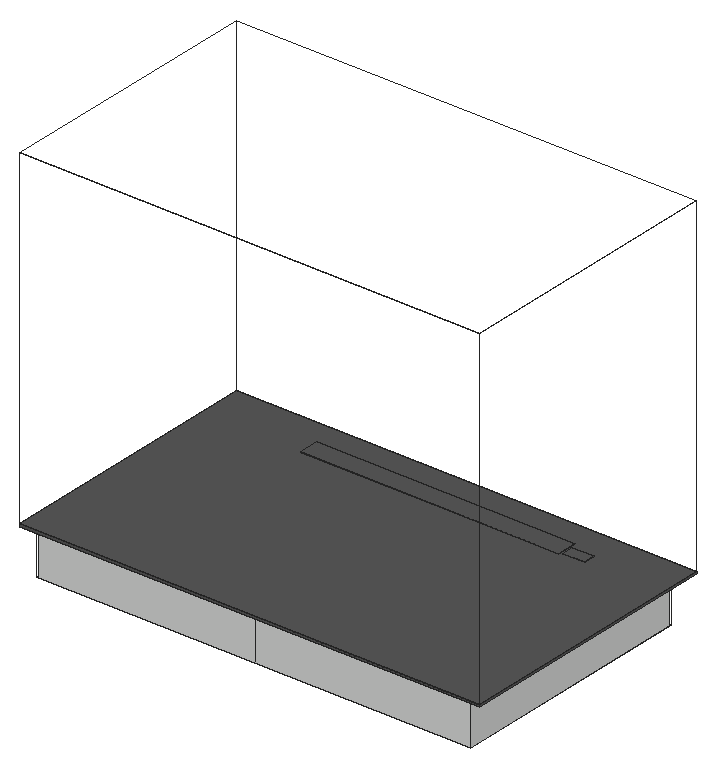
Revit family "CI905ZZDTG5-CI905ZZDTB5-AA-BI-SG-SEA", category Specialty Equipment, Revit 2020
Family settings
  Round Connector Dimension = Use Diameter
  Part Type = Normal
  Work Plane-Based = Yes
  Always vertical = No
  Cut with Voids When Loaded = Yes
  Shared = No
  Room Calculation Point = No
Parameters (values of type "CI905ZZDTB5")
  URL = "www.fisherpaykel.com"
  Product - Width = 900 mm
  Product - Height = 90 mm
  Product - Depth = 530 mm
  Model = "CI905ZZDTB5"
  Material - Cooktop = Fisher & Paykel - Glass, Black
  Manufacturer = "Fisher & Paykel Appliances"
  Description = "90cm Series 7 Induction cooktop"
  Default Elevation = 0 mm
  Clearance - Overhead Rangehood = 650 mm
  Clearance - Below Cooktop = 86 mm
  Cavity - Width = 850 mm
  Cavity - Depth = 490 mm
Types (3, lengths in mm): name | Model | Material - Cooktop
  (no name) | "CI905ZZDTB5" | Fisher & Paykel - Glass, Black
  CI905ZZDTB5 | "CI905ZZDTB5" | Fisher & Paykel - Glass, Black
  CI905ZZDTG5 | "CI905ZZDTG5" | Fisher & Paykel - Glass, Grey
Reference planes
  plane 1 "Center (Front/Back)": y = 0
  plane 2: z = 0
  plane 3 "Center (Left/Right)": x = 0
  plane 4 "Product - LHS": x = -450
  plane 5 "Product - RHS": x = 450
  plane 6 "Cavity - RHS": x = 425
  plane 7 "Cavity - LHS": x = -425
  plane 8 "Product - Depth": y = 530
  plane 9: y = 10
  plane 10: y = 500
  plane 11: y = -0.764
  plane 12: z = -86
  plane 13: z = 654
  plane 14: z = 4
Forms (mm)
  Extrusion 1, solid, not visible
    sketch origin (-149.236, 268.236, 0) x (0, 1, 0) y (1, 0, 0)
      loop
        line (-528.472, 298.472) -> (-528.472, 0) -> (0, 0) -> (0, 298.472) -> (-528.472, 298.472)
    from 0 to -4
  Extrusion 2, solid, not visible
    sketch origin (-149.236, 268.236, 4) x (0, 1, 0) y (-1, 0, 0)
      loop
        line (-86.236, -44.236) -> (-86.236, -229.236) -> (-46.236, -229.236) -> (-46.236, -44.236) -> (-86.236, -44.236)
      loop
        line (-60.236, -234.236) -> (-82.236, -234.236) -> (-82.236, -276.236) -> (-60.236, -276.236) -> (-60.236, -234.236)
    from 0 to -2.95
  Extrusion 3, solid, material "Fisher & Paykel - Clearance Required"
    sketch origin (0, 0, 0) x (1, 0, 0) y (0, 1, 0)
      loop
        line (-425, 500) -> (-425, 10) -> (425, 10) -> (425, 500) -> (-425, 500)
    from 0 to -86
  Extrusion 4, void
    sketch origin (0, 0, 0) x (1, 0, 0) y (0, 1, 0)
      loop
        line (-425, 500) -> (-425, 10) -> (425, 10) -> (425, 500) -> (-425, 500)
    from 0 to -86
  Extrusion 5, solid, material "Fisher & Paykel - Steel Galvanized"
    sketch origin (0, 0, 0) x (1, 0, 0) y (0, 1, 0)
      loop
        line (0, 11.875) -> (422.5, 11.875) -> (422.5, 496.875) -> (-422.5, 496.875) -> (-422.5, 11.875) -> (0, 11.875)
    from -86 to 0
  Extrusion 6, solid, material "Fisher & Paykel - Clearance Required"
    sketch origin (-449.236, 529.236, 4) x (0, -1, 0) y (1, 0, 0)
      loop
        line (-0.764, 899.236) -> (-0.764, -0.764) -> (529.236, -0.764) -> (529.236, 899.236) -> (-0.764, 899.236)
    from 0 to 650
  Extrusion 7, solid, material "Fisher & Paykel - Glass, Black" <- "Material - Cooktop"
    sketch origin (-449.236, 529.236, 0) x (1, 0, 0) y (0, -1, 0)
      loop
        line (899.236, -0.764) -> (899.236, 529.236) -> (-0.764, 529.236) -> (-0.764, -0.764) -> (899.236, -0.764)
    from -4 to 0
  Extrusion 8, solid, material "Fisher & Paykel - Glass, Black" <- "Material - Cooktop"
    sketch origin (-449.236, 529.236, 0) x (1, 0, 0) y (0, -1, 0)
      loop
        line (194.236, 46.236) -> (699.236, 46.236) -> (699.236, 86.236) -> (194.236, 86.236) -> (194.236, 46.236)
      loop
        line (746.236, 60.236) -> (746.236, 82.236) -> (704.236, 82.236) -> (704.236, 60.236) -> (746.236, 60.236)
    from -4 to 0
Dimensions and locks
  "Product - Width": plane 4 "Product - LHS" to plane 5 "Product - RHS"
  equal spacing: plane 4 "Product - LHS", plane 3 "Center (Left/Right)", plane 5 "Product - RHS"
  "Cavity - Width": plane 7 "Cavity - LHS" to plane 6 "Cavity - RHS"
  "Product - Depth": plane 8 "Product - Depth" to plane 1 "Center (Front/Back)"
  equal spacing: plane 7 "Cavity - LHS", plane 3 "Center (Left/Right)", plane 6 "Cavity - RHS"
  "Cavity - Depth": plane 10 to plane 9
  "Clearance - Below Cooktop": plane 2 to plane 12
  "Clearance - Overhead Rangehood": plane 13 to plane 14
  aligned and locked: level to plane 2
  aligned and locked: Extrusion 3 sketch curve to plane 7 "Cavity - LHS"
  aligned and locked: Extrusion 3 sketch curve to plane 10
  aligned and locked: Extrusion 3 sketch curve to plane 6 "Cavity - RHS"
  aligned and locked: Extrusion 3 sketch curve to plane 9
  aligned and locked: Extrusion 4 to plane 12
  aligned and locked: Extrusion 3 to plane 12
  aligned and locked: Extrusion 5 to plane 12
  aligned and locked: level to Extrusion 5
  aligned and locked: Extrusion 6 sketch curve to plane 8 "Product - Depth"
  aligned and locked: Extrusion 6 sketch curve to plane 4 "Product - LHS"
  aligned and locked: Extrusion 6 sketch curve to plane 1 "Center (Front/Back)"
  aligned and locked: plane 13 to Extrusion 6
  aligned and locked: plane 5 "Product - RHS" to Extrusion 7 sketch curve
  aligned and locked: plane 8 "Product - Depth" to Extrusion 7 sketch curve
  aligned and locked: plane 4 "Product - LHS" to Extrusion 7 sketch curve
  aligned and locked: plane 1 "Center (Front/Back)" to Extrusion 7 sketch curve
  aligned and locked: Extrusion 7 to Extrusion 6
  aligned and locked: Extrusion 7 to Extrusion 3
  aligned and locked: Extrusion 8 to Extrusion 6
  aligned and locked: Extrusion 8 to Extrusion 3
Automatic sketch dimensions
  Extrusion 2 sketch curve to Extrusion 1 = 86.236 mm
  Extrusion 2 sketch curve to Extrusion 2 sketch curve = 40 mm
  Extrusion 2 sketch curve to Extrusion 1 = 69.236 mm
  Extrusion 2 sketch curve to Extrusion 1 = 44.236 mm
  Extrusion 2 sketch curve to Extrusion 2 sketch curve = 4 mm
  Extrusion 2 sketch curve to Extrusion 2 sketch curve = 14 mm
  Extrusion 2 sketch curve to Extrusion 2 sketch curve = 5 mm
  Extrusion 2 sketch curve to Extrusion 1 = 22.236 mm
  Extrusion 1 sketch curve to Extrusion 1 sketch curve = 0 mm  (x3)
  Extrusion 1 sketch curve to Extrusion 1 sketch curve = 528.472 mm
  Extrusion 1 sketch curve to Extrusion 1 sketch curve = 298.472 mm  (x2)
  Extrusion 4 sketch curve to plane 9 = 0 mm
  Extrusion 4 sketch curve to plane 10 = 0 mm
  plane 4 "Product - LHS" to Extrusion 4 sketch curve = 25 mm
  plane 3 "Center (Left/Right)" to Extrusion 4 sketch curve = 425 mm
  plane 9 to Extrusion 5 sketch curve = 1.875 mm
  Extrusion 5 sketch curve to plane 3 "Center (Left/Right)" = 0 mm
  plane 7 "Cavity - LHS" to Extrusion 5 sketch curve = 2.5 mm
  Extrusion 5 sketch curve to plane 6 "Cavity - RHS" = 2.5 mm
  Extrusion 5 sketch curve to plane 10 = 3.125 mm
  Extrusion 8 sketch curve to Extrusion 8 sketch curve = 40 mm
  Extrusion 8 sketch curve to Extrusion 8 sketch curve = 5 mm
  Extrusion 8 sketch curve to Extrusion 8 sketch curve = 42 mm
  Extrusion 8 sketch curve to Extrusion 8 sketch curve = 4 mm
  Extrusion 8 sketch curve to Extrusion 8 sketch curve = 14 mm
  Extrusion 6 sketch curve to plane 5 "Product - RHS" = 0 mm
  Extrusion 8 sketch curve to plane 10 = 17 mm
  plane 7 "Cavity - LHS" to Extrusion 8 sketch curve = 170 mm
  Extrusion 8 sketch curve to plane 6 "Cavity - RHS" = 175 mm
